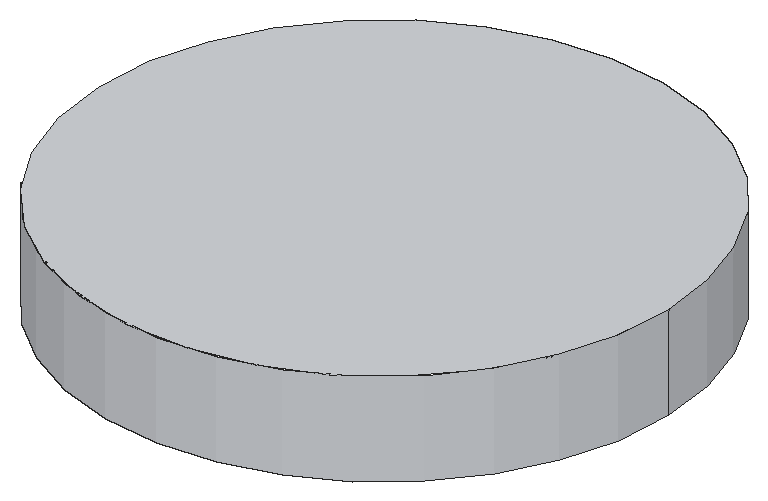
Revit family "Crop-Circle", category Generic Models, Revit 2021
Family settings
  Can host rebar = No
  Round Connector Dimension = Use Diameter
  Part Type = Normal
  Work Plane-Based = No
  Always vertical = Yes
  Cut with Voids When Loaded = No
  Shared = Yes
  Room Calculation Point = No
Parameters (values of type "Hanger")
  URL = ""
  PointNumber [instance] = ""
  PointElement [instance] = ""
  PointDescription [instance] = "Hanger Pt"
  Manufacturer = "Autodesk Inc."
  LinkedParam [instance] = ""
  Height [instance] = 0' - 1"
  Diameter [instance] = 0' - 6"
  Default Elevation = 0' - 0"
Types (2): name | PointDescription | Diameter
  Seismic | "Seismic Pt" | 1' - 6"
  Hanger | "Hanger Pt" | 0' - 6"
Reference planes (in)
  plane 1 "Center (Front/Back)": y = 0
  plane 2: z = 0
  plane 3 "Center (Left/Right)": x = 0
Forms (in)
  Extrusion 1, solid
    sketch origin (-1.8271, -0.30619, 0) x (1, 0, 0) y (0, 1, 0)
      loop
        circle (1.8271, 0.30619) r 3
    from 0 to 1 <- "Height"
Dimensions and locks (in)
  "Diameter": diameter of Extrusion 1 sketch curve
Automatic sketch dimensions
  plane 1 "Center (Front/Back)" to Extrusion 1 sketch curve = 0' - 0"
  Extrusion 1 sketch curve to plane 3 "Center (Left/Right)" = 0' - 0"
